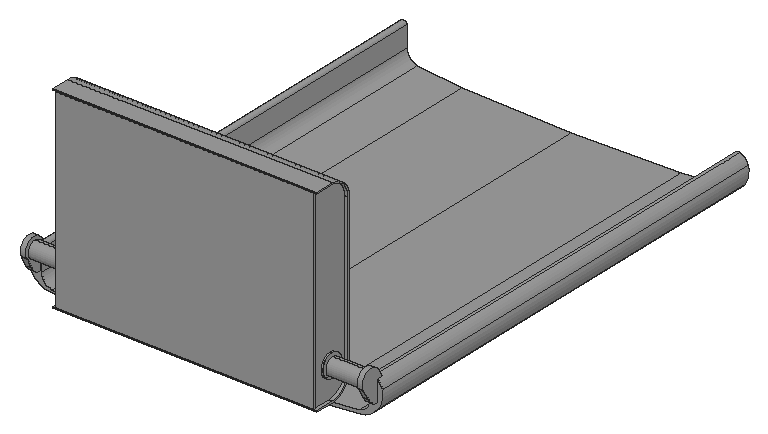
Revit family "3205 Bjørk Baby changing station", category Furniture Systems, host Wall, Revit 2018
Family settings
  Host = Wall
  Round Connector Dimension = Use Diameter
  Part Type = Normal
  Always vertical = Yes
  Cut with Voids When Loaded = No
  Shared = No
  Room Calculation Point = No
Parameters (values of type "Mat Sort")
  URL = "http://www.dandryer.dk/da-dk/produkter/produktserie-%E2%80%93-bjork/3205-bjork-puslebord--mat-sort-"
  UP = not(Down)  # no
  Type Image = <None>
  Surface = Mat Sort
  Model = "Björk-3205"
  Manufacturer = "Dan Dryer"
  Down = yes
  Description = "Baby changing table"
  Cost = 0
Reference planes
  plane 1 "Wall": y = 0
  plane 2 "Center (Left/Right)": x = 125
  plane 3 "Back": y = 75
Forms (mm)
  Extrusion 1, solid, material "Blank Hvid", not visible
    sketch origin (0, 0, 0) x (1, 0, 0) y (0, 1, 0)
      loop
        arc (42.212, 95.366) -> (42.426, 94.946) -> (42.5, 94.481) r 1.5
        line (42.5, 94.481) -> (42.5, 75.3) -> (43.7, 75.3) -> (43.7, 94.481)
        arc (43.7, 94.481) -> (43.567, 95.318) -> (43.181, 96.073) r 2.7
        arc (43.181, 96.073) -> (125, 257.1) -> (206.819, 96.073) r 101.3
        arc (206.819, 96.073) -> (206.433, 95.318) -> (206.3, 94.481) r 2.7
        line (206.3, 94.481) -> (206.3, 75.3) -> (207.5, 75.3) -> (207.5, 94.481)
        arc (207.5, 94.481) -> (207.574, 94.946) -> (207.788, 95.366) r 1.5
        arc (207.788, 95.366) -> (125, 258.3) -> (42.212, 95.366) r 102.5
    from 900 to 1230
  Extrusion 2, void, not visible
    sketch origin (207.5, 94.481, 0) x (0, 1, 0) y (0, 0, -1)
      loop
        line (-19.181, -1225) -> (-19.181, -1230) -> (6.154, -1230)
        arc (6.154, -1230) -> (3.068, -1228.36) -> (2.105, -1225) r 4.47
        line (2.105, -1225) -> (-19.181, -1225)
    from -10.952 to 170.161
  Extrusion 3, void, not visible
    sketch origin (207.5, 94.481, 2130) x (0, 1, 0) y (0, 0, -1)
      loop
        line (-19.181, 1225) -> (2.105, 1225)
        arc (2.105, 1225) -> (3.068, 1228.36) -> (6.154, 1230) r 4.47
        line (6.154, 1230) -> (-19.181, 1230) -> (-19.181, 1225)
    from -6 to 179.451
  Extrusion 4, solid, not visible
    sketch origin (207.5, 75.3, 907) x (0, 1, 0) y (-1, 0, 0)
      loop
        line (0, 163.8) -> (0, 1.2) -> (19.181, 1.2)
        arc (19.181, 1.2) -> (20.018, 1.067) -> (20.773, 0.681) r 2.7
        arc (20.773, 0.681) -> (181.8, 82.5) -> (20.773, 164.319) r 101.3
        arc (20.773, 164.319) -> (20.018, 163.933) -> (19.181, 163.8) r 2.7
        line (19.181, 163.8) -> (0, 163.8)
    from 0 to -2
  Extrusion 5, void, not visible
    sketch origin (206.3, 75.3, 0) x (-1, 0, 0) y (0, 0, 1)
      loop
        arc (83.312, 976) -> (81.303, 978.014) -> (79.288, 976) r 2.012
        line (79.288, 976) -> (79.285, 930)
        arc (79.285, 930) -> (81.297, 927.986) -> (83.312, 930) r 2.012
        line (83.312, 930) -> (83.312, 976)
    from 174.915 to 189.234
  Extrusion 6, solid, not visible
    sketch origin (206.3, 75.3, 0) x (1, 0, 0) y (0, 0, 1)
      loop
        line (-83.312, 975.984) -> (-83.312, 930)
        arc (-83.312, 930) -> (-81.291, 928.118) -> (-79.287, 930.016) r 2.015
        line (-79.287, 930.016) -> (-79.288, 976)
        arc (-79.288, 976) -> (-81.309, 977.882) -> (-83.312, 975.984) r 2.015
    from -182.98 to -174.915
  Extrusion 7, solid, material "Mat Sort", not visible
    sketch origin (0, 0, 0) x (1, 0, 0) y (0, 1, 0)
      loop
        arc (42.212, 95.366) -> (42.426, 94.946) -> (42.5, 94.481) r 1.5
        line (42.5, 94.481) -> (42.5, 75.3) -> (43.7, 75.3) -> (43.7, 94.481)
        arc (43.7, 94.481) -> (43.567, 95.318) -> (43.181, 96.073) r 2.7
        arc (43.181, 96.073) -> (125, 257.1) -> (206.819, 96.073) r 101.3
        arc (206.819, 96.073) -> (206.433, 95.318) -> (206.3, 94.481) r 2.7
        line (206.3, 94.481) -> (206.3, 75.3) -> (207.5, 75.3) -> (207.5, 94.481)
        arc (207.5, 94.481) -> (207.574, 94.946) -> (207.788, 95.366) r 1.5
        arc (207.788, 95.366) -> (125, 258.3) -> (42.212, 95.366) r 102.5
    from 900 to 1230
Text (mm)
  text "Placement Side" at (-1848.837, 1116.779, 0), in view "Ref. Level"
  text "Placement side" at (0, 1409.804, 2854.306), in view "Left"
  text "Placement side" at (0, 499.811, 2980.732), in view "Right"
Dimensions and locks
  locked: plane 3 "Back" to host wall
  aligned and locked: plane 1 "Wall" to host wall
  aligned and locked: plane 3 "Back" to nested 1  (x2)
  aligned and locked: nested 1 to host wall
Nested families
  nested 1: "Master changing table" at (125, 75, 1050), type "Master changing table"
    with Table up no
Definition of nested family "Master changing table"
  Parameters (values of type "Master changing table")
    Table up = yes
    Table down = yes
    Surface = none
  Reference planes
    plane 1 "Center (Front/Back)": y = 0
    plane 2: z = 0
    plane 3 "Center (Left/Right)": x = 0
  Forms (mm)
    Extrusion 1, solid, material <- "Surface"
      sketch origin (205, 367.912, 256.022) x (0, 1, 0) y (0, 0, 1)
        loop
          line (-368.006, 0) -> (-368.006, -1.5) -> (-337.756, -1.5)
          arc (-337.756, -1.5) -> (-316.543, -10.287) -> (-307.756, -31.5) r 30
          line (-307.756, -31.5) -> (-307.756, -273.5)
          arc (-307.756, -273.5) -> (-316.543, -294.713) -> (-337.756, -303.5) r 30
          line (-337.756, -303.5) -> (-368.006, -303.5) -> (-368.006, -305) -> (-337.756, -305)
          arc (-337.756, -305) -> (-315.482, -295.774) -> (-306.256, -273.5) r 31.5
          line (-306.256, -273.5) -> (-306.256, -31.5)
          arc (-306.256, -31.5) -> (-315.482, -9.226) -> (-337.756, 0) r 31.5
          line (-337.756, 0) -> (-368.006, 0)
      from -410.457 to 0.457
    Extrusion 2, solid, material <- "Surface"
      sketch origin (-200, 30.056, 103.522) x (0, -1, 0) y (0, 0, 1)
        loop
          line (28.149, 150) -> (0.649, 150)
          arc (0.649, 150) -> (-20.564, 141.213) -> (-29.351, 120) r 30
          line (-29.351, 120) -> (-29.351, -120)
          arc (-29.351, -120) -> (-20.564, -141.213) -> (0.649, -150) r 30
          line (0.649, -150) -> (28.149, -150) -> (28.149, 150)
      from 0 to -1.5
    Extrusion 3, solid, material <- "Surface"
      sketch origin (200, 30.056, 103.522) x (0, -1, 0) y (0, 0, -1)
        loop
          line (28.149, -150) -> (28.149, 150) -> (0.649, 150)
          arc (0.649, 150) -> (-20.564, 141.213) -> (-29.351, 120) r 30
          line (-29.351, 120) -> (-29.351, -120)
          arc (-29.351, -120) -> (-20.564, -141.213) -> (0.649, -150) r 30
          line (0.649, -150) -> (28.149, -150)
      from 0 to -1.5
    Extrusion 4, solid, material <- "Surface", visible <- "Table down"
      sketch origin (0, 750.106, -53.254) x (-1, 0, 0) y (0, 0, 1)
        loop
          line (-255, 19.726) -> (-255, 51.373)
          arc (-255, 51.373) -> (-257.243, 55.544) -> (-261.96, 55.973) r 5
          arc (-261.96, 55.973) -> (-270.039, 50.067) -> (-274.685, 41.203) r 22.097
          arc (-274.685, 41.203) -> (-275.07, 26.076) -> (-268.731, 12.336) r 33.351
          arc (-268.731, 12.336) -> (-256.485, 1.616) -> (-241.13, -3.778) r 42.947
          arc (-241.13, -3.778) -> (-205.836, -8.031) -> (-170.362, -10.357) r 652.663
          arc (-170.362, -10.357) -> (-85.196, -12.728) -> (0, -13.33) r 4102.572
          arc (0, -13.33) -> (85.196, -12.728) -> (170.362, -10.357) r 4102.572
          arc (170.362, -10.357) -> (205.836, -8.031) -> (241.13, -3.778) r 652.663
          arc (241.13, -3.778) -> (256.485, 1.616) -> (268.731, 12.336) r 42.947
          arc (268.731, 12.336) -> (275.07, 26.076) -> (274.685, 41.203) r 33.351
          arc (274.685, 41.203) -> (270.039, 50.067) -> (261.96, 55.973) r 22.097
          arc (261.96, 55.973) -> (257.243, 55.544) -> (255, 51.373) r 5
          line (255, 51.373) -> (255, 19.726)
          arc (255, 19.726) -> (250.375, 7.3) -> (238.751, 0.923) r 19.004
          arc (238.751, 0.923) -> (204.558, -3.146) -> (170.196, -5.363) r 637.149
          arc (170.196, -5.363) -> (85.113, -7.758) -> (0, -8.582) r 4609.967
          arc (0, -8.582) -> (-85.113, -7.758) -> (-170.196, -5.363) r 4609.967
          arc (-170.196, -5.363) -> (-204.558, -3.146) -> (-238.751, 0.923) r 637.149
          arc (-238.751, 0.923) -> (-250.375, 7.3) -> (-255, 19.726) r 19.004
      from -709.566 to 0
    Extrusion 5, solid, material <- "Surface", visible <- "Table down"
      sketch origin (258, 29.906, 2.522) x (0, 0, 1) y (0, 1, 0)
        loop
          line (8.4, 14.549) -> (-2.6, 20.9)
          arc (-2.6, 20.9) -> (-4.503, 22.803) -> (-5.2, 25.403) r 5.2
          line (-5.2, 25.403) -> (-5.2, 41.674) -> (-6, 41.383) -> (-6, 177.6)
          arc (-6, 177.6) -> (-6.879, 179.721) -> (-9, 180.6) r 3
          line (-9, 180.6) -> (-33, 180.6)
          arc (-33, 180.6) -> (-35.121, 179.721) -> (-36, 177.6) r 3
          line (-36, 177.6) -> (-36, 30.464) -> (-36.8, 30.172) -> (-36.8, 16.166)
          arc (-36.8, 16.166) -> (-33.477, 3.766) -> (-24.4, -5.312) r 24.8
          line (-24.4, -5.312) -> (-8.4, -14.549)
          arc (-8.4, -14.549) -> (14.549, -8.4) -> (8.4, 14.549) r 16.8
      from -8 to 0
    Extrusion 6, solid, material <- "Surface", visible <- "Table down"
      sketch origin (-266, 29.906, 2.522) x (0, 0, 1) y (0, 1, 0)
        loop
          line (8.4, 14.549) -> (-2.6, 20.9)
          arc (-2.6, 20.9) -> (-4.503, 22.803) -> (-5.2, 25.403) r 5.2
          line (-5.2, 25.403) -> (-5.2, 41.674) -> (-6, 41.383) -> (-6, 177.6)
          arc (-6, 177.6) -> (-6.879, 179.721) -> (-9, 180.6) r 3
          line (-9, 180.6) -> (-33, 180.6)
          arc (-33, 180.6) -> (-35.121, 179.721) -> (-36, 177.6) r 3
          line (-36, 177.6) -> (-36, 30.464) -> (-36.8, 30.172) -> (-36.8, 16.166)
          arc (-36.8, 16.166) -> (-33.477, 3.766) -> (-24.4, -5.312) r 24.8
          line (-24.4, -5.312) -> (-8.4, -14.549)
          arc (-8.4, -14.549) -> (14.549, -8.4) -> (8.4, 14.549) r 16.8
      from -8 to 0
    Extrusion 7, solid, material <- "Surface"
      sketch origin (-258, 31.072, 1.856) x (0, 0, -1) y (0, 1, 0)
        loop
          circle (-0.065, 0.035) r 17.549
      from 53 to 462.5
    Extrusion 8, solid, material <- "Surface", visible <- "Table up"
      sketch origin (0, 85.702, 722.747) x (-1, 0, 0) y (0, -1, 0)
        loop
          line (-255, 19.726) -> (-255, 51.373)
          arc (-255, 51.373) -> (-257.243, 55.544) -> (-261.96, 55.973) r 5
          arc (-261.96, 55.973) -> (-270.039, 50.067) -> (-274.685, 41.203) r 22.097
          arc (-274.685, 41.203) -> (-275.07, 26.076) -> (-268.731, 12.336) r 33.351
          arc (-268.731, 12.336) -> (-256.485, 1.616) -> (-241.13, -3.778) r 42.947
          arc (-241.13, -3.778) -> (-205.836, -8.031) -> (-170.362, -10.357) r 652.663
          arc (-170.362, -10.357) -> (-85.196, -12.728) -> (0, -13.33) r 4102.572
          arc (0, -13.33) -> (85.196, -12.728) -> (170.362, -10.357) r 4102.572
          arc (170.362, -10.357) -> (205.836, -8.031) -> (241.13, -3.778) r 652.663
          arc (241.13, -3.778) -> (256.485, 1.616) -> (268.731, 12.336) r 42.947
          arc (268.731, 12.336) -> (275.07, 26.076) -> (274.685, 41.203) r 33.351
          arc (274.685, 41.203) -> (270.039, 50.067) -> (261.96, 55.973) r 22.097
          arc (261.96, 55.973) -> (257.243, 55.544) -> (255, 51.373) r 5
          line (255, 51.373) -> (255, 19.726)
          arc (255, 19.726) -> (250.375, 7.3) -> (238.751, 0.923) r 19.004
          arc (238.751, 0.923) -> (204.558, -3.146) -> (170.196, -5.363) r 637.149
          arc (170.196, -5.363) -> (85.113, -7.758) -> (0, -8.582) r 4609.967
          arc (0, -8.582) -> (-85.113, -7.758) -> (-170.196, -5.363) r 4609.967
          arc (-170.196, -5.363) -> (-204.558, -3.146) -> (-238.751, 0.923) r 637.149
          arc (-238.751, 0.923) -> (-250.375, 7.3) -> (-255, 19.726) r 19.004
      from -709.566 to 0
    Extrusion 9, solid, material <- "Surface", visible <- "Table up"
      sketch origin (258, 29.925, 2.547) x (0, -1, 0) y (0, 0, 1)
        loop
          line (8.4, 14.549) -> (-2.6, 20.9)
          arc (-2.6, 20.9) -> (-4.503, 22.803) -> (-5.2, 25.403) r 5.2
          line (-5.2, 25.403) -> (-5.2, 41.674) -> (-6, 41.383) -> (-6, 177.6)
          arc (-6, 177.6) -> (-6.879, 179.721) -> (-9, 180.6) r 3
          line (-9, 180.6) -> (-33, 180.6)
          arc (-33, 180.6) -> (-35.121, 179.721) -> (-36, 177.6) r 3
          line (-36, 177.6) -> (-36, 30.464) -> (-36.8, 30.172) -> (-36.8, 16.166)
          arc (-36.8, 16.166) -> (-33.477, 3.766) -> (-24.4, -5.312) r 24.8
          line (-24.4, -5.312) -> (-8.4, -14.549)
          arc (-8.4, -14.549) -> (14.549, -8.4) -> (8.4, 14.549) r 16.8
      from -8 to 0
    Extrusion 10, solid, material <- "Surface", visible <- "Table up"
      sketch origin (-266, 29.925, 2.547) x (0, -1, 0) y (0, 0, 1)
        loop
          line (8.4, 14.549) -> (-2.6, 20.9)
          arc (-2.6, 20.9) -> (-4.503, 22.803) -> (-5.2, 25.403) r 5.2
          line (-5.2, 25.403) -> (-5.2, 41.674) -> (-6, 41.383) -> (-6, 177.6)
          arc (-6, 177.6) -> (-6.879, 179.721) -> (-9, 180.6) r 3
          line (-9, 180.6) -> (-33, 180.6)
          arc (-33, 180.6) -> (-35.121, 179.721) -> (-36, 177.6) r 3
          line (-36, 177.6) -> (-36, 30.464) -> (-36.8, 30.172) -> (-36.8, 16.166)
          arc (-36.8, 16.166) -> (-33.477, 3.766) -> (-24.4, -5.312) r 24.8
          line (-24.4, -5.312) -> (-8.4, -14.549)
          arc (-8.4, -14.549) -> (14.549, -8.4) -> (8.4, 14.549) r 16.8
      from -8 to 0
    Extrusion 11, solid, material <- "Surface"
      sketch origin (-258, 30.572, 1.856) x (0, 0, -1) y (0, 1, 0)
        loop
          circle (-0.065, 0.035) r 13.035
      from 0 to 516
    Extrusion 12, solid, material <- "Surface"
      sketch origin (-258, 30.572, 1.856) x (0, 0, -1) y (0, 1, 0)
        loop
          circle (-0.065, 0.035) r 16.835
      from 54.88 to 461.953
    Extrusion 13, solid, material <- "Surface"
      sketch origin (-5125, -0.094, -947.478) x (-1, 0, 0) y (0, 0, 1)
        loop
          line (-5325, 1202) -> (-5325, 900) -> (-4925, 900) -> (-4925, 1202) -> (-5325, 1202)
      from 0 to 2
    Extrusion 14, solid, not visible
      sketch origin (-5000, 75, 0) x (-1, 0, 0) y (0, 0, 1)
        loop
          line (-5325, 1202) -> (-5325, 900) -> (-4925, 900) -> (-4925, 1202) -> (-5325, 1202)
      from 0 to 2
    Extrusion 15, solid, not visible
      sketch origin (330, 443.006, 1203.5) x (0, 1, 0) y (0, 0, 1)
        loop
          line (-368.006, 0) -> (-368.006, -1.5) -> (-337.756, -1.5)
          arc (-337.756, -1.5) -> (-316.543, -10.287) -> (-307.756, -31.5) r 30
          line (-307.756, -31.5) -> (-307.756, -273.5)
          arc (-307.756, -273.5) -> (-316.543, -294.713) -> (-337.756, -303.5) r 30
          line (-337.756, -303.5) -> (-368.006, -303.5) -> (-368.006, -305) -> (-337.756, -305)
          arc (-337.756, -305) -> (-315.482, -295.774) -> (-306.256, -273.5) r 31.5
          line (-306.256, -273.5) -> (-306.256, -31.5)
          arc (-306.256, -31.5) -> (-315.482, -9.226) -> (-337.756, 0) r 31.5
          line (-337.756, 0) -> (-368.006, 0)
      from -410.457 to 0.457
    Sweep 16, void, not visible
      path origin (330, 443.006, 1203.5) x (0, 1, 0) y (0, 0, 1)
        loop
          line (-368.006, -305) -> (-337.756, -305)
          arc (-337.756, -305) -> (-315.482, -295.774) -> (-306.256, -273.5) r 31.5
          line (-306.256, -273.5) -> (-306.256, -31.5)
          arc (-306.256, -31.5) -> (-315.482, -9.226) -> (-337.756, 0) r 31.5
          line (-337.756, 0) -> (-368.006, 0)
      profile origin (330, 90.125, 1203.5) x (0, 0, -1) y (1, 0, 0)
        loop
          line (0, 0.457) -> (0, -0.75)
          arc (0, -0.75) -> (0.75, 0) -> (1.5, -0.75) r 0.75
          line (1.5, -0.75) -> (1.5, 0.457) -> (0, 0.457)
    Sweep 17, void, not visible
      path origin (-80, 443.006, 1203.5) x (0, 1, 0) y (0, 0, -1)
        loop
          line (-368.006, 305) -> (-337.756, 305)
          arc (-337.756, 305) -> (-315.482, 295.774) -> (-306.256, 273.5) r 31.5
          line (-306.256, 273.5) -> (-306.256, 31.5)
          arc (-306.256, 31.5) -> (-315.482, 9.226) -> (-337.756, 0) r 31.5
          line (-337.756, 0) -> (-368.006, 0)
      profile origin (-80, 90.125, 1203.5) x (0, 0, 1) y (-1, 0, 0)
        loop
          line (0, 0.457) -> (-1.5, 0.457) -> (-1.5, -0.75)
          arc (-1.5, -0.75) -> (-0.75, 0) -> (0, -0.75) r 0.75
          line (0, -0.75) -> (0, 0.457)
    Extrusion 18, solid, not visible
      sketch origin (-75, 105.149, 1051) x (0, -1, 0) y (0, 0, 1)
        loop
          line (28.149, 150) -> (0.649, 150)
          arc (0.649, 150) -> (-20.564, 141.213) -> (-29.351, 120) r 30
          line (-29.351, 120) -> (-29.351, -120)
          arc (-29.351, -120) -> (-20.564, -141.213) -> (0.649, -150) r 30
          line (0.649, -150) -> (28.149, -150) -> (28.149, 150)
      from 0 to -1.5
    Extrusion 19, solid, not visible
      sketch origin (325, 105.149, 1051) x (0, -1, 0) y (0, 0, -1)
        loop
          line (28.149, -150) -> (28.149, 150) -> (0.649, 150)
          arc (0.649, 150) -> (-20.564, 141.213) -> (-29.351, 120) r 30
          line (-29.351, 120) -> (-29.351, -120)
          arc (-29.351, -120) -> (-20.564, -141.213) -> (0.649, -150) r 30
          line (0.649, -150) -> (28.149, -150)
      from 0 to -1.5
    Extrusion 20, void, not visible
      sketch origin (-75, 105.149, 1051) x (0, 1, 0) y (0, 0, 1)
        loop
          circle (-0.114, -100.935) r 17.549
      from 404.5 to -5
    Extrusion 21, solid, visible <- "Table down", not visible
      sketch origin (125, 825.199, 894.224) x (-1, 0, 0) y (0, 0, 1)
        loop
          line (-255, 19.726) -> (-255, 51.373)
          arc (-255, 51.373) -> (-257.243, 55.544) -> (-261.96, 55.973) r 5
          arc (-261.96, 55.973) -> (-270.039, 50.067) -> (-274.685, 41.203) r 22.097
          arc (-274.685, 41.203) -> (-275.07, 26.076) -> (-268.731, 12.336) r 33.351
          arc (-268.731, 12.336) -> (-256.485, 1.616) -> (-241.13, -3.778) r 42.947
          arc (-241.13, -3.778) -> (-205.836, -8.031) -> (-170.362, -10.357) r 652.663
          arc (-170.362, -10.357) -> (-85.196, -12.728) -> (0, -13.33) r 4102.572
          arc (0, -13.33) -> (85.196, -12.728) -> (170.362, -10.357) r 4102.572
          arc (170.362, -10.357) -> (205.836, -8.031) -> (241.13, -3.778) r 652.663
          arc (241.13, -3.778) -> (256.485, 1.616) -> (268.731, 12.336) r 42.947
          arc (268.731, 12.336) -> (275.07, 26.076) -> (274.685, 41.203) r 33.351
          arc (274.685, 41.203) -> (270.039, 50.067) -> (261.96, 55.973) r 22.097
          arc (261.96, 55.973) -> (257.243, 55.544) -> (255, 51.373) r 5
          line (255, 51.373) -> (255, 19.726)
          arc (255, 19.726) -> (250.375, 7.3) -> (238.751, 0.923) r 19.004
          arc (238.751, 0.923) -> (204.558, -3.146) -> (170.196, -5.363) r 637.149
          arc (170.196, -5.363) -> (85.113, -7.758) -> (0, -8.582) r 4609.967
          arc (0, -8.582) -> (-85.113, -7.758) -> (-170.196, -5.363) r 4609.967
          arc (-170.196, -5.363) -> (-204.558, -3.146) -> (-238.751, 0.923) r 637.149
          arc (-238.751, 0.923) -> (-250.375, 7.3) -> (-255, 19.726) r 19.004
      from -709.566 to 0
    Sweep 22, void, not visible
      path origin (125, 825.199, 894.224) x (-1, 0, 0) y (0, 0, 1)
        loop
          arc (-261.96, 55.973) -> (-270.039, 50.067) -> (-274.685, 41.203) r 22.097
          arc (-274.685, 41.203) -> (-275.07, 26.076) -> (-268.731, 12.336) r 33.351
          arc (-268.731, 12.336) -> (-256.485, 1.616) -> (-241.13, -3.778) r 42.947
          arc (-241.13, -3.778) -> (-205.836, -8.031) -> (-170.362, -10.357) r 652.663
          arc (-170.362, -10.357) -> (-85.196, -12.728) -> (0, -13.33) r 4102.572
          arc (0, -13.33) -> (85.196, -12.728) -> (170.362, -10.357) r 4102.572
          arc (170.362, -10.357) -> (205.836, -8.031) -> (241.13, -3.778) r 652.663
          arc (241.13, -3.778) -> (256.485, 1.616) -> (268.731, 12.336) r 42.947
          arc (268.731, 12.336) -> (275.07, 26.076) -> (274.685, 41.203) r 33.351
          arc (274.685, 41.203) -> (270.039, 50.067) -> (261.96, 55.973) r 22.097
          arc (261.96, 55.973) -> (257.243, 55.544) -> (255, 51.373) r 5
          line (255, 51.373) -> (255, 19.726)
          arc (255, 19.726) -> (250.375, 7.3) -> (238.751, 0.923) r 19.004
          arc (238.751, 0.923) -> (204.558, -3.146) -> (170.196, -5.363) r 637.149
          arc (170.196, -5.363) -> (85.113, -7.758) -> (0, -8.582) r 4609.967
          arc (0, -8.582) -> (-85.113, -7.758) -> (-170.196, -5.363) r 4609.967
          arc (-170.196, -5.363) -> (-204.558, -3.146) -> (-238.751, 0.923) r 637.149
          arc (-238.751, 0.923) -> (-250.375, 7.3) -> (-255, 19.726) r 19.004
          line (-255, 19.726) -> (-255, 51.373)
          arc (-255, 51.373) -> (-257.243, 55.544) -> (-261.96, 55.973) r 5
      profile origin (395.039, 825.199, 944.291) x (-0.757606, 0, -0.652712) y (0, 1, 0)
        loop
          arc (0, -1.006) -> (0.295, -0.295) -> (1.006, 0) r 1.006
          line (1.006, 0) -> (0, 0) -> (0, -1.006)
    Extrusion 23, void, not visible
      sketch origin (-141, 105, 950) x (0, 0, 1) y (0, 1, 0)
        loop
          line (-93.281, 10.633) -> (14.517, 10.633) -> (14.517, 49.868) -> (-93.281, 10.633)
      from -603.294 to 94
    Extrusion 24, solid, visible <- "Table down", not visible
      sketch origin (383, 105, 950) x (0, 0, 1) y (0, 1, 0)
        loop
          line (8.4, 14.549) -> (-2.6, 20.9)
          arc (-2.6, 20.9) -> (-4.503, 22.803) -> (-5.2, 25.403) r 5.2
          line (-5.2, 25.403) -> (-5.2, 41.674) -> (-6, 41.383) -> (-6, 177.6)
          arc (-6, 177.6) -> (-6.879, 179.721) -> (-9, 180.6) r 3
          line (-9, 180.6) -> (-33, 180.6)
          arc (-33, 180.6) -> (-35.121, 179.721) -> (-36, 177.6) r 3
          line (-36, 177.6) -> (-36, 30.464) -> (-36.8, 30.172) -> (-36.8, 16.166)
          arc (-36.8, 16.166) -> (-33.477, 3.766) -> (-24.4, -5.312) r 24.8
          line (-24.4, -5.312) -> (-8.4, -14.549)
          arc (-8.4, -14.549) -> (14.549, -8.4) -> (8.4, 14.549) r 16.8
      from -8 to 0
    Extrusion 25, solid, visible <- "Table down", not visible
      sketch origin (-141, 105, 950) x (0, 0, 1) y (0, 1, 0)
        loop
          line (8.4, 14.549) -> (-2.6, 20.9)
          arc (-2.6, 20.9) -> (-4.503, 22.803) -> (-5.2, 25.403) r 5.2
          line (-5.2, 25.403) -> (-5.2, 41.674) -> (-6, 41.383) -> (-6, 177.6)
          arc (-6, 177.6) -> (-6.879, 179.721) -> (-9, 180.6) r 3
          line (-9, 180.6) -> (-33, 180.6)
          arc (-33, 180.6) -> (-35.121, 179.721) -> (-36, 177.6) r 3
          line (-36, 177.6) -> (-36, 30.464) -> (-36.8, 30.172) -> (-36.8, 16.166)
          arc (-36.8, 16.166) -> (-33.477, 3.766) -> (-24.4, -5.312) r 24.8
          line (-24.4, -5.312) -> (-8.4, -14.549)
          arc (-8.4, -14.549) -> (14.549, -8.4) -> (8.4, 14.549) r 16.8
      from -8 to 0
    Extrusion 26, solid, not visible
      sketch origin (-133, 106.166, 949.334) x (0, 0, -1) y (0, 1, 0)
        loop
          circle (-0.065, 0.035) r 17.549
      from 53 to 462.5
    Extrusion 27, solid, visible <- "Table up", not visible
      sketch origin (125, 160.795, 1670.224) x (-1, 0, 0) y (0, -1, 0)
        loop
          line (-255, 19.726) -> (-255, 51.373)
          arc (-255, 51.373) -> (-257.243, 55.544) -> (-261.96, 55.973) r 5
          arc (-261.96, 55.973) -> (-270.039, 50.067) -> (-274.685, 41.203) r 22.097
          arc (-274.685, 41.203) -> (-275.07, 26.076) -> (-268.731, 12.336) r 33.351
          arc (-268.731, 12.336) -> (-256.485, 1.616) -> (-241.13, -3.778) r 42.947
          arc (-241.13, -3.778) -> (-205.836, -8.031) -> (-170.362, -10.357) r 652.663
          arc (-170.362, -10.357) -> (-85.196, -12.728) -> (0, -13.33) r 4102.572
          arc (0, -13.33) -> (85.196, -12.728) -> (170.362, -10.357) r 4102.572
          arc (170.362, -10.357) -> (205.836, -8.031) -> (241.13, -3.778) r 652.663
          arc (241.13, -3.778) -> (256.485, 1.616) -> (268.731, 12.336) r 42.947
          arc (268.731, 12.336) -> (275.07, 26.076) -> (274.685, 41.203) r 33.351
          arc (274.685, 41.203) -> (270.039, 50.067) -> (261.96, 55.973) r 22.097
          arc (261.96, 55.973) -> (257.243, 55.544) -> (255, 51.373) r 5
          line (255, 51.373) -> (255, 19.726)
          arc (255, 19.726) -> (250.375, 7.3) -> (238.751, 0.923) r 19.004
          arc (238.751, 0.923) -> (204.558, -3.146) -> (170.196, -5.363) r 637.149
          arc (170.196, -5.363) -> (85.113, -7.758) -> (0, -8.582) r 4609.967
          arc (0, -8.582) -> (-85.113, -7.758) -> (-170.196, -5.363) r 4609.967
          arc (-170.196, -5.363) -> (-204.558, -3.146) -> (-238.751, 0.923) r 637.149
          arc (-238.751, 0.923) -> (-250.375, 7.3) -> (-255, 19.726) r 19.004
      from -709.566 to 0
    Sweep 28, void, not visible
      path origin (125, 160.795, 1670.224) x (-1, 0, 0) y (0, -1, 0)
        loop
          arc (-261.96, 55.973) -> (-270.039, 50.067) -> (-274.685, 41.203) r 22.097
          arc (-274.685, 41.203) -> (-275.07, 26.076) -> (-268.731, 12.336) r 33.351
          arc (-268.731, 12.336) -> (-256.485, 1.616) -> (-241.13, -3.778) r 42.947
          arc (-241.13, -3.778) -> (-205.836, -8.031) -> (-170.362, -10.357) r 652.663
          arc (-170.362, -10.357) -> (-85.196, -12.728) -> (0, -13.33) r 4102.572
          arc (0, -13.33) -> (85.196, -12.728) -> (170.362, -10.357) r 4102.572
          arc (170.362, -10.357) -> (205.836, -8.031) -> (241.13, -3.778) r 652.663
          arc (241.13, -3.778) -> (256.485, 1.616) -> (268.731, 12.336) r 42.947
          arc (268.731, 12.336) -> (275.07, 26.076) -> (274.685, 41.203) r 33.351
          arc (274.685, 41.203) -> (270.039, 50.067) -> (261.96, 55.973) r 22.097
          arc (261.96, 55.973) -> (257.243, 55.544) -> (255, 51.373) r 5
          line (255, 51.373) -> (255, 19.726)
          arc (255, 19.726) -> (250.375, 7.3) -> (238.751, 0.923) r 19.004
          arc (238.751, 0.923) -> (204.558, -3.146) -> (170.196, -5.363) r 637.149
          arc (170.196, -5.363) -> (85.113, -7.758) -> (0, -8.582) r 4609.967
          arc (0, -8.582) -> (-85.113, -7.758) -> (-170.196, -5.363) r 4609.967
          arc (-170.196, -5.363) -> (-204.558, -3.146) -> (-238.751, 0.923) r 637.149
          arc (-238.751, 0.923) -> (-250.375, 7.3) -> (-255, 19.726) r 19.004
          line (-255, 19.726) -> (-255, 51.373)
          arc (-255, 51.373) -> (-257.243, 55.544) -> (-261.96, 55.973) r 5
      profile origin (395.039, 110.728, 1670.224) x (-0.757606, 0.652712, 0) y (0, 0, 1)
        loop
          arc (0, -1.006) -> (0.295, -0.295) -> (1.006, 0) r 1.006
          line (1.006, 0) -> (0, 0) -> (0, -1.006)
    Extrusion 29, void, not visible
      sketch origin (-141, 105.019, 950.025) x (0, -1, 0) y (0, 0, 1)
        loop
          line (-93.281, 10.633) -> (14.517, 10.633) -> (14.517, 49.868) -> (-93.281, 10.633)
      from -603.294 to 94
    Extrusion 30, solid, visible <- "Table up", not visible
      sketch origin (383, 105.019, 950.025) x (0, -1, 0) y (0, 0, 1)
        loop
          line (8.4, 14.549) -> (-2.6, 20.9)
          arc (-2.6, 20.9) -> (-4.503, 22.803) -> (-5.2, 25.403) r 5.2
          line (-5.2, 25.403) -> (-5.2, 41.674) -> (-6, 41.383) -> (-6, 177.6)
          arc (-6, 177.6) -> (-6.879, 179.721) -> (-9, 180.6) r 3
          line (-9, 180.6) -> (-33, 180.6)
          arc (-33, 180.6) -> (-35.121, 179.721) -> (-36, 177.6) r 3
          line (-36, 177.6) -> (-36, 30.464) -> (-36.8, 30.172) -> (-36.8, 16.166)
          arc (-36.8, 16.166) -> (-33.477, 3.766) -> (-24.4, -5.312) r 24.8
          line (-24.4, -5.312) -> (-8.4, -14.549)
          arc (-8.4, -14.549) -> (14.549, -8.4) -> (8.4, 14.549) r 16.8
      from -8 to 0
    Extrusion 31, solid, visible <- "Table up", not visible
      sketch origin (-141, 105.019, 950.025) x (0, -1, 0) y (0, 0, 1)
        loop
          line (8.4, 14.549) -> (-2.6, 20.9)
          arc (-2.6, 20.9) -> (-4.503, 22.803) -> (-5.2, 25.403) r 5.2
          line (-5.2, 25.403) -> (-5.2, 41.674) -> (-6, 41.383) -> (-6, 177.6)
          arc (-6, 177.6) -> (-6.879, 179.721) -> (-9, 180.6) r 3
          line (-9, 180.6) -> (-33, 180.6)
          arc (-33, 180.6) -> (-35.121, 179.721) -> (-36, 177.6) r 3
          line (-36, 177.6) -> (-36, 30.464) -> (-36.8, 30.172) -> (-36.8, 16.166)
          arc (-36.8, 16.166) -> (-33.477, 3.766) -> (-24.4, -5.312) r 24.8
          line (-24.4, -5.312) -> (-8.4, -14.549)
          arc (-8.4, -14.549) -> (14.549, -8.4) -> (8.4, 14.549) r 16.8
      from -8 to 0
    Extrusion 32, solid, not visible
      sketch origin (-133, 105.666, 949.334) x (0, 0, -1) y (0, 1, 0)
        loop
          circle (-0.065, 0.035) r 13.035
      from 0 to 516
    Extrusion 33, solid, not visible
      sketch origin (-133, 105.666, 949.334) x (0, 0, -1) y (0, 1, 0)
        loop
          circle (-0.065, 0.035) r 16.835
      from 54.88 to 461.953
  Lines and regions (mm)
    reference lines, not visible
      curve 1: line (125, 825.199, 1226.874) -> (125, 825.199, 885.642)
      curve 2: line (125, 419.974, 1670.224) -> (125, -185.026, 1670.224)
  Dimensions and locks
    locked: Extrusion 13 to Extrusion 13 at 2
    aligned and locked: level to plane 2
    aligned and locked: Extrusion 3 to Extrusion 13
